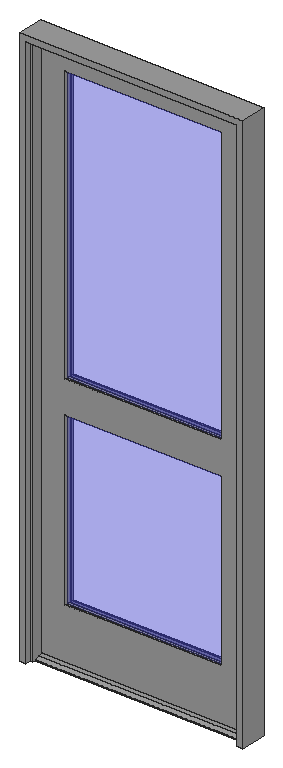
Revit family "MS-375 PIVOT DOOR-VIP-1-CW_v05", category Curtain Panels, Revit 2015 (continued)
Definition of nested family "2.5x6-RTCIG CW-H8533-DHD-OHD SC-DI"
  Lines and regions (in)
    detail lines, in view "Ref. Level", detail levels fine
      curve 231: line (0.69896, -1.31433, 0) -> (0.72096, -1.31433, 0)
      curve 232: line (0.72096, -1.31433, 0) -> (0.73696, -1.31433, 0)
      curve 233: line (0.73696, -1.31433, 0) -> (0.75896, -1.31433, 0)
      curve 234: line (0.75896, -1.31433, 0) -> (0.76596, -1.31433, 0)
      curve 235: line (0.76596, -1.31433, 0) -> (0.77896, -1.31033, 0)
      curve 236: line (0.54796, -1.32333, 0) -> (0.57896, -1.32133, 0)
      curve 237: line (0.57896, -1.32133, 0) -> (0.60496, -1.31933, 0)
      curve 238: line (0.60496, -1.31933, 0) -> (0.61896, -1.31933, 0)
      curve 239: line (0.61896, -1.31933, 0) -> (0.66196, -1.31933, 0)
      curve 240: line (0.66196, -1.31933, 0) -> (0.67696, -1.32133, 0)
      curve 241: line (0.67696, -1.32133, 0) -> (0.70096, -1.32133, 0)
      curve 242: line (0.70096, -1.32133, 0) -> (0.71496, -1.32133, 0)
      curve 243: line (0.71496, -1.32133, 0) -> (0.73496, -1.32133, 0)
      curve 244: line (0.73496, -1.32133, 0) -> (0.75096, -1.32333, 0)
      curve 245: line (0.75096, -1.32333, 0) -> (0.76196, -1.32433, 0)
      curve 246: line (0.76196, -1.32433, 0) -> (0.77096, -1.32433, 0)
      curve 247: line (0.77096, -1.32433, 0) -> (0.78096, -1.32433, 0)
      curve 248: line (0.73296, -1.35433, 0) -> (0.74796, -1.35433, 0)
      curve 249: line (0.74796, -1.35433, 0) -> (0.72596, -1.35733, 0)
      curve 250: line (0.72596, -1.35733, 0) -> (0.73296, -1.35433, 0)
      curve 251: line (0.71296, -1.35533, 0) -> (0.70396, -1.36133, 0)
      curve 252: line (0.70396, -1.36133, 0) -> (0.72596, -1.35733, 0)
      curve 253: line (0.72596, -1.35733, 0) -> (0.71296, -1.35533, 0)
      curve 254: line (0.54796, -1.29533, 0) -> (0.57696, -1.29533, 0)
      curve 255: line (0.57696, -1.29533, 0) -> (0.60996, -1.29533, 0)
      curve 256: line (0.60996, -1.29533, 0) -> (0.65296, -1.29533, 0)
      curve 257: line (0.65296, -1.29533, 0) -> (0.67296, -1.29533, 0)
      curve 258: line (0.67296, -1.29533, 0) -> (0.69896, -1.29933, 0)
      curve 259: line (0.69896, -1.29933, 0) -> (0.70796, -1.29933, 0)
      curve 260: line (0.70796, -1.29933, 0) -> (0.72096, -1.30133, 0)
      curve 261: line (0.72096, -1.30133, 0) -> (0.73296, -1.30133, 0)
      curve 262: line (0.73296, -1.30133, 0) -> (0.74396, -1.30133, 0)
      curve 263: line (0.74396, -1.30133, 0) -> (0.75296, -1.30133, 0)
      curve 264: line (0.75296, -1.30133, 0) -> (0.76996, -1.29933, 0)
      curve 265: line (0.76996, -1.29933, 0) -> (0.77696, -1.29933, 0)
      curve 266: line (0.77696, -1.29933, 0) -> (0.77696, -1.2896, 0)
      curve 267: line (0.78096, -1.28933, 0) -> (0.76596, -1.29033, 0)
      curve 268: line (0.76596, -1.29033, 0) -> (0.75496, -1.29033, 0)
      curve 269: line (0.75496, -1.29033, 0) -> (0.74096, -1.29233, 0)
      curve 270: line (0.74096, -1.29233, 0) -> (0.70996, -1.28833, 0)
      curve 271: line (0.70996, -1.28833, 0) -> (0.69296, -1.28833, 0)
      curve 272: line (0.69296, -1.28833, 0) -> (0.67696, -1.28833, 0)
      curve 273: line (0.67696, -1.28833, 0) -> (0.66096, -1.28633, 0)
      curve 274: line (0.66096, -1.28633, 0) -> (0.62296, -1.28633, 0)
      curve 275: line (0.62296, -1.28633, 0) -> (0.60096, -1.28433, 0)
      curve 276: line (0.60096, -1.28433, 0) -> (0.56096, -1.28333, 0)
      curve 277: line (0.56096, -1.28333, 0) -> (0.54796, -1.28333, 0)
      curve 278: line (0.54796, -1.33833, 0) -> (0.57896, -1.33533, 0)
      curve 279: line (0.57896, -1.33533, 0) -> (0.61496, -1.33733, 0)
      curve 280: line (0.61496, -1.33733, 0) -> (0.65296, -1.33733, 0)
      curve 281: line (0.65296, -1.33733, 0) -> (0.67496, -1.33733, 0)
      curve 282: line (0.67496, -1.33733, 0) -> (0.69496, -1.33733, 0)
      curve 283: line (0.69496, -1.33733, 0) -> (0.70996, -1.33733, 0)
      curve 284: line (0.70996, -1.33733, 0) -> (0.72596, -1.33933, 0)
      curve 285: line (0.72596, -1.33933, 0) -> (0.73696, -1.33933, 0)
      curve 286: line (0.73696, -1.33933, 0) -> (0.74796, -1.33933, 0)
      curve 287: line (0.74796, -1.33933, 0) -> (0.75896, -1.33933, 0)
      curve 288: line (0.75896, -1.33933, 0) -> (0.77696, -1.33733, 0)
      curve 289: line (0.78096, -1.41933, 0) -> (0.78096, -1.15933, 0)
    detail lines, in view "Ref. Level", detail levels medium
      curve 290: arc (1.65506, -0.328, 0) -> (1.67791, -0.38315, 0) -> (1.73306, -0.406, 0) r 0.078
      curve 291: arc (0.20206, -0.406, 0) -> (0.25722, -0.38315, 0) -> (0.28006, -0.328, 0) r 0.078
      curve 292: arc (0.68756, -1.173, 0) -> (0.71506, -1.2005, 0) -> (0.74256, -1.173, 0) r 0.0275
      curve 293: arc (0.74256, -1.408, 0) -> (0.71506, -1.3805, 0) -> (0.68756, -1.408, 0) r 0.0275
      curve 294: arc (2.00056, -1, 0) -> (1.96239, -1.07442, 0) -> (2.04511, -1.062, 0) r 0.047
      curve 295: arc (0.95295, -1.053, 0) -> (1.03486, -1.07804, 0) -> (0.99956, -1, 0) r 0.047
      curve 296: line (1.73306, -0.406, 0) -> (1.98306, -0.406, 0)
      curve 297: line (1.98306, -0.406, 0) -> (1.98306, -0.375, 0)
      curve 298: line (1.98306, -0.375, 0) -> (3.09256, -0.375, 0)
      curve 299: line (3.09256, -0.375, 0) -> (3.09256, -0.875, 0)
      curve 300: line (3.09256, -0.875, 0) -> (-1.15744, -0.875, 0)
      curve 301: line (-1.15744, -0.875, 0) -> (-1.15744, -0.375, 0)
      curve 302: line (-1.15744, -0.375, 0) -> (-0.04794, -0.375, 0)
      curve 303: line (-0.04794, -0.375, 0) -> (-0.04794, -0.406, 0)
      curve 304: line (-0.04794, -0.406, 0) -> (0.20206, -0.406, 0)
      curve 305: line (0.28006, -0.328, 0) -> (0.03006, -0.328, 0)
      curve 306: line (0.03006, -0.328, 0) -> (0.03006, -0.25, 0)
      curve 307: line (0.03006, -0.25, 0) -> (-1.28244, -0.25, 0)
      curve 308: line (-1.28244, -0.25, 0) -> (-1.28244, -1, 0)
      curve 309: line (-1.28244, -1, 0) -> (3.21756, -1, 0)
      curve 310: line (3.21756, -1, 0) -> (3.21756, -0.25, 0)
      curve 311: line (3.21756, -0.25, 0) -> (1.90506, -0.25, 0)
      curve 312: line (1.90506, -0.25, 0) -> (1.90506, -0.328, 0)
      curve 313: line (1.90506, -0.328, 0) -> (1.65506, -0.328, 0)
      curve 314: line (0.74256, -1.173, 0) -> (0.74256, -1.143, 0)
      curve 315: line (0.74256, -1.143, 0) -> (0.79756, -1.143, 0)
      curve 316: line (0.79756, -1.143, 0) -> (0.79756, -1.438, 0)
      curve 317: line (0.79756, -1.438, 0) -> (0.74256, -1.438, 0)
      curve 318: line (0.74256, -1.438, 0) -> (0.74256, -1.408, 0)
      curve 319: line (0.68756, -1.408, 0) -> (0.68756, -1.5, 0)
      curve 320: line (0.68756, -1.5, 0) -> (2.31256, -1.5, 0)
      curve 321: line (2.31256, -1.5, 0) -> (2.31256, -1, 0)
      curve 322: line (2.31256, -1, 0) -> (2.00056, -1, 0)
      curve 323: line (2.04511, -1.062, 0) -> (2.25056, -1.062, 0)
      curve 324: line (2.25056, -1.062, 0) -> (2.25056, -1.438, 0)
      curve 325: line (2.25056, -1.438, 0) -> (0.85956, -1.438, 0)
      curve 326: line (0.85956, -1.438, 0) -> (0.85956, -1.053, 0)
      curve 327: line (0.85956, -1.053, 0) -> (0.95295, -1.053, 0)
      curve 328: line (0.99956, -1, 0) -> (0.79756, -1, 0)
      curve 329: line (0.79756, -1, 0) -> (0.79756, -1.081, 0)
      curve 330: line (0.79756, -1.081, 0) -> (0.74256, -1.081, 0)
      curve 331: line (0.74256, -1.081, 0) -> (0.74256, -1, 0)
      curve 332: line (0.74256, -1, 0) -> (0.68756, -1, 0)
      curve 333: line (0.68756, -1, 0) -> (0.68756, -1.173, 0)
      curve 334: line (-1.28244, 0, 0) -> (-1.28244, -1, 0)
      curve 335: line (-1.28244, -1, 0) -> (0.68756, -1, 0)
      curve 336: line (0.68756, -1, 0) -> (0.68756, -1.5, 0)
      curve 337: line (0.68756, -1.5, 0) -> (2.31256, -1.5, 0)
      curve 338: line (2.31256, -1.5, 0) -> (2.31256, -1, 0)
      curve 339: line (2.31256, -1, 0) -> (3.21756, -1, 0)
      curve 340: line (3.21756, -1, 0) -> (3.21756, 0, 0)
      curve 341: line (3.21756, 0, 0) -> (-1.28244, 0, 0)
    detail lines, in view "Ref. Level", not visible, detail levels fine
      curve 342: arc (1.65506, -0.328, 0) -> (1.67791, -0.38315, 0) -> (1.73306, -0.406, 0) r 0.078
      curve 343: arc (0.20206, -0.406, 0) -> (0.25722, -0.38315, 0) -> (0.28006, -0.328, 0) r 0.078
      curve 344: arc (0.68756, -1.173, 0) -> (0.71506, -1.2005, 0) -> (0.74256, -1.173, 0) r 0.0275
      curve 345: arc (0.74256, -1.408, 0) -> (0.71506, -1.3805, 0) -> (0.68756, -1.408, 0) r 0.0275
      curve 346: arc (2.00056, -1, 0) -> (1.96239, -1.07442, 0) -> (2.04511, -1.062, 0) r 0.047
      curve 347: arc (0.95295, -1.053, 0) -> (1.03486, -1.07804, 0) -> (0.99956, -1, 0) r 0.047
      curve 348: line (1.73306, -0.406, 0) -> (1.98306, -0.406, 0)
      curve 349: line (1.98306, -0.406, 0) -> (1.98306, -0.375, 0)
      curve 350: line (1.98306, -0.375, 0) -> (3.09256, -0.375, 0)
      curve 351: line (3.09256, -0.375, 0) -> (3.09256, -0.875, 0)
      curve 352: line (3.09256, -0.875, 0) -> (-1.15744, -0.875, 0)
      curve 353: line (-1.15744, -0.875, 0) -> (-1.15744, -0.375, 0)
      curve 354: line (-1.15744, -0.375, 0) -> (-0.04794, -0.375, 0)
      curve 355: line (-0.04794, -0.375, 0) -> (-0.04794, -0.406, 0)
      curve 356: line (-0.04794, -0.406, 0) -> (0.20206, -0.406, 0)
      curve 357: line (0.28006, -0.328, 0) -> (0.03006, -0.328, 0)
      curve 358: line (0.03006, -0.328, 0) -> (0.03006, -0.25, 0)
      curve 359: line (0.03006, -0.25, 0) -> (-1.28244, -0.25, 0)
      curve 360: line (-1.28244, -0.25, 0) -> (-1.28244, -1, 0)
      curve 361: line (-1.28244, -1, 0) -> (3.21756, -1, 0)
      curve 362: line (3.21756, -1, 0) -> (3.21756, -0.25, 0)
      curve 363: line (3.21756, -0.25, 0) -> (1.90506, -0.25, 0)
      curve 364: line (1.90506, -0.25, 0) -> (1.90506, -0.328, 0)
      curve 365: line (1.90506, -0.328, 0) -> (1.65506, -0.328, 0)
      curve 366: line (0.74256, -1.173, 0) -> (0.74256, -1.143, 0)
      curve 367: line (0.74256, -1.143, 0) -> (0.79756, -1.143, 0)
      curve 368: line (0.79756, -1.143, 0) -> (0.79756, -1.438, 0)
      curve 369: line (0.79756, -1.438, 0) -> (0.74256, -1.438, 0)
      curve 370: line (0.74256, -1.438, 0) -> (0.74256, -1.408, 0)
      curve 371: line (0.68756, -1.408, 0) -> (0.68756, -1.5, 0)
      curve 372: line (0.68756, -1.5, 0) -> (2.31256, -1.5, 0)
      curve 373: line (2.31256, -1.5, 0) -> (2.31256, -1, 0)
      curve 374: line (2.31256, -1, 0) -> (2.00056, -1, 0)
      curve 375: line (2.04511, -1.062, 0) -> (2.25056, -1.062, 0)
      curve 376: line (2.25056, -1.062, 0) -> (2.25056, -1.438, 0)
      curve 377: line (2.25056, -1.438, 0) -> (0.85956, -1.438, 0)
      curve 378: line (0.85956, -1.438, 0) -> (0.85956, -1.053, 0)
      curve 379: line (0.85956, -1.053, 0) -> (0.95295, -1.053, 0)
      curve 380: line (0.99956, -1, 0) -> (0.79756, -1, 0)
      curve 381: line (0.79756, -1, 0) -> (0.79756, -1.081, 0)
      curve 382: line (0.79756, -1.081, 0) -> (0.74256, -1.081, 0)
      curve 383: line (0.74256, -1.081, 0) -> (0.74256, -1, 0)
      curve 384: line (0.74256, -1, 0) -> (0.68756, -1, 0)
      curve 385: line (0.68756, -1, 0) -> (0.68756, -1.173, 0)
      curve 386: line (-1.28244, 0, 0) -> (-1.28244, -1, 0)
      curve 387: line (-1.28244, -1, 0) -> (0.68756, -1, 0)
      curve 388: line (0.68756, -1, 0) -> (0.68756, -1.5, 0)
      curve 389: line (0.68756, -1.5, 0) -> (2.31256, -1.5, 0)
      curve 390: line (2.31256, -1.5, 0) -> (2.31256, -1, 0)
      curve 391: line (2.31256, -1, 0) -> (3.21756, -1, 0)
      curve 392: line (3.21756, -1, 0) -> (3.21756, 0, 0)
      curve 393: line (3.21756, 0, 0) -> (-1.28244, 0, 0)
      curve 394: arc (-1.28244, -0.25, 0) -> (-1.26095, -0.125, 0) -> (-1.28244, 0, 0) r 0.37439
      curve 395: arc (3.21756, 0, 0) -> (3.19608, -0.125, 0) -> (3.21756, -0.25, 0) r 0.37439
      curve 396: arc (1.95497, -1.14175, 0) -> (1.95619, -1.1362, 0) -> (1.95482, -1.13068, 0) r 0.0125
      curve 397: arc (1.98284, -1.14139, 0) -> (1.98406, -1.13584, 0) -> (1.9827, -1.13032, 0) r 0.0125
      curve 398: arc (1.01743, -1.13032, 0) -> (1.01607, -1.13584, 0) -> (1.01729, -1.14139, 0) r 0.0125
      curve 399: arc (1.0453, -1.13068, 0) -> (1.04394, -1.1362, 0) -> (1.04516, -1.14175, 0) r 0.0125
      curve 400: arc (1.10681, -1.025, 0) -> (1.10028, -1.02684, 0) -> (1.09567, -1.03182, 0) r 0.0125
      curve 401: arc (1.90446, -1.03183, 0) -> (1.89985, -1.02684, 0) -> (1.89332, -1.025, 0) r 0.0125
      curve 402: line (-1.03244, -0.25, 0) -> (-1.03244, 0, 0)
      curve 403: line (-1.03244, 0, 0) -> (2.96756, 0, 0)
      curve 404: line (2.96756, 0, 0) -> (2.96756, -0.25, 0)
      curve 405: line (2.96756, -0.25, 0) -> (-1.03244, -0.25, 0)
      curve 406: line (-1.03244, -0.25, 0) -> (2.96756, 0, 0)
      curve 407: line (-1.03244, 0, 0) -> (2.96756, -0.25, 0)
      curve 408: line (1.95497, -1.14175, 0) -> (1.89789, -1.26122, 0)
      curve 409: line (1.89789, -1.26122, 0) -> (1.92045, -1.272, 0)
      curve 410: line (1.92045, -1.272, 0) -> (1.98284, -1.14139, 0)
      curve 411: line (1.9827, -1.13032, 0) -> (1.92904, -1.025, 0)
      curve 412: line (1.92904, -1.025, 0) -> (1.95506, -1.025, 0)
      curve 413: line (1.95506, -1.025, 0) -> (1.95506, -1, 0)
      curve 414: line (1.95506, -1, 0) -> (1.04506, -1, 0)
      curve 415: line (1.04506, -1, 0) -> (1.04506, -1.025, 0)
      curve 416: line (1.04506, -1.025, 0) -> (1.07109, -1.025, 0)
      curve 417: line (1.07109, -1.025, 0) -> (1.01743, -1.13032, 0)
      curve 418: line (1.01729, -1.14139, 0) -> (1.07968, -1.272, 0)
      curve 419: line (1.07968, -1.272, 0) -> (1.10224, -1.26122, 0)
      curve 420: line (1.10224, -1.26122, 0) -> (1.04516, -1.14175, 0)
      curve 421: line (1.0453, -1.13068, 0) -> (1.09567, -1.03182, 0)
      curve 422: line (1.10681, -1.025, 0) -> (1.89332, -1.025, 0)
      curve 423: line (1.90446, -1.03183, 0) -> (1.95482, -1.13068, 0)
      curve 424: line (0.54796, -1.18033, 0) -> (0.56296, -1.18633, 0)
      curve 425: line (0.56296, -1.18633, 0) -> (0.57696, -1.19533, 0)
      curve 426: line (0.57696, -1.19533, 0) -> (0.60296, -1.19933, 0)
      curve 427: line (0.60296, -1.19933, 0) -> (0.62096, -1.20333, 0)
      curve 428: line (0.62096, -1.20333, 0) -> (0.65696, -1.20433, 0)
      curve 429: line (0.65696, -1.20433, 0) -> (0.67296, -1.20633, 0)
      curve 430: line (0.67296, -1.20633, 0) -> (0.69296, -1.20833, 0)
      curve 431: line (0.69296, -1.20833, 0) -> (0.69696, -1.21433, 0)
      curve 432: line (0.69696, -1.21433, 0) -> (0.70996, -1.20833, 0)
      curve 433: line (0.70996, -1.20833, 0) -> (0.69696, -1.21433, 0)
      curve 434: line (0.55396, -1.35233, 0) -> (0.58296, -1.35233, 0)
      curve 435: line (0.58296, -1.35233, 0) -> (0.60796, -1.35233, 0)
      curve 436: line (0.60796, -1.35233, 0) -> (0.62496, -1.35433, 0)
      curve 437: line (0.62496, -1.35433, 0) -> (0.65696, -1.35433, 0)
      curve 438: line (0.65696, -1.35433, 0) -> (0.67696, -1.35533, 0)
      curve 439: line (0.67696, -1.35533, 0) -> (0.70396, -1.36133, 0)
      curve 440: line (0.70396, -1.36133, 0) -> (0.67496, -1.36433, 0)
      curve 441: line (0.67496, -1.36433, 0) -> (0.68996, -1.37033, 0)
      curve 442: line (0.68996, -1.37033, 0) -> (0.67296, -1.36633, 0)
      curve 443: line (0.67296, -1.36633, 0) -> (0.65096, -1.36833, 0)
      curve 444: line (0.65096, -1.36833, 0) -> (0.58796, -1.37733, 0)
      curve 445: line (0.58796, -1.37733, 0) -> (0.60596, -1.37733, 0)
      curve 446: line (0.60596, -1.37733, 0) -> (0.61696, -1.37533, 0)
      curve 447: line (0.61696, -1.37533, 0) -> (0.63196, -1.37433, 0)
      curve 448: line (0.63196, -1.37433, 0) -> (0.65896, -1.37233, 0)
      curve 449: line (0.65896, -1.37233, 0) -> (0.67896, -1.37033, 0)
      curve 450: line (0.67896, -1.37033, 0) -> (0.65296, -1.36633, 0)
      curve 451: line (0.65296, -1.36633, 0) -> (0.62296, -1.36633, 0)
      curve 452: line (0.62296, -1.36633, 0) -> (0.58996, -1.36433, 0)
      curve 453: line (0.58996, -1.36433, 0) -> (0.54796, -1.36933, 0)
      curve 454: line (0.57196, -1.38433, 0) -> (0.58996, -1.38133, 0)
      curve 455: line (0.58996, -1.38133, 0) -> (0.54796, -1.38833, 0)
      curve 456: line (0.54796, -1.38833, 0) -> (0.57196, -1.38433, 0)
      curve 457: line (0.54996, -1.24133, 0) -> (0.56796, -1.23933, 0)
      curve 458: line (0.56796, -1.23933, 0) -> (0.58096, -1.23733, 0)
      curve 459: line (0.58096, -1.23733, 0) -> (0.59396, -1.23533, 0)
      curve 460: line (0.59396, -1.23533, 0) -> (0.61496, -1.23533, 0)
      curve 461: line (0.61496, -1.23533, 0) -> (0.62796, -1.23533, 0)
      curve 462: line (0.62796, -1.23533, 0) -> (0.65696, -1.23733, 0)
      curve 463: line (0.65696, -1.23733, 0) -> (0.67096, -1.23733, 0)
      curve 464: line (0.67096, -1.23733, 0) -> (0.67896, -1.23933, 0)
      curve 465: line (0.67896, -1.23933, 0) -> (0.69696, -1.24133, 0)
      curve 466: line (0.69696, -1.24133, 0) -> (0.71096, -1.24433, 0)
      curve 467: line (0.71096, -1.24433, 0) -> (0.72796, -1.25233, 0)
      curve 468: line (0.72796, -1.25233, 0) -> (0.74196, -1.25233, 0)
      curve 469: line (0.74196, -1.25233, 0) -> (0.72596, -1.24433, 0)
      curve 470: line (0.72596, -1.24433, 0) -> (0.71096, -1.25033, 0)
      curve 471: line (0.71096, -1.25033, 0) -> (0.70196, -1.25033, 0)
      curve 472: line (0.70196, -1.25033, 0) -> (0.68596, -1.25033, 0)
      curve 473: line (0.68596, -1.25033, 0) -> (0.67096, -1.24633, 0)
      curve 474: line (0.67096, -1.24633, 0) -> (0.65496, -1.24633, 0)
      curve 475: line (0.65496, -1.24633, 0) -> (0.62296, -1.24633, 0)
      curve 476: line (0.62296, -1.24633, 0) -> (0.60596, -1.24633, 0)
      curve 477: line (0.60596, -1.24633, 0) -> (0.59396, -1.24633, 0)
      curve 478: line (0.59396, -1.24633, 0) -> (0.54796, -1.25433, 0)
      curve 479: line (0.54996, -1.20833, 0) -> (0.56096, -1.20833, 0)
      curve 480: line (0.56096, -1.20833, 0) -> (0.58096, -1.20833, 0)
      curve 481: line (0.58096, -1.20833, 0) -> (0.59196, -1.20633, 0)
      curve 482: line (0.59196, -1.20633, 0) -> (0.59896, -1.20633, 0)
      curve 483: line (0.59896, -1.20633, 0) -> (0.60596, -1.20833, 0)
      curve 484: line (0.60596, -1.20833, 0) -> (0.62296, -1.21433, 0)
      curve 485: line (0.62296, -1.21433, 0) -> (0.65496, -1.21233, 0)
      curve 486: line (0.65496, -1.21233, 0) -> (0.66196, -1.21033, 0)
      curve 487: line (0.66196, -1.21033, 0) -> (0.67096, -1.21233, 0)
      curve 488: line (0.67096, -1.21233, 0) -> (0.68096, -1.21233, 0)
      curve 489: line (0.68096, -1.21233, 0) -> (0.68996, -1.21233, 0)
      curve 490: line (0.74596, -1.21033, 0) -> (0.73496, -1.21033, 0)
      curve 491: line (0.73496, -1.21033, 0) -> (0.74196, -1.21033, 0)
      curve 492: line (0.74196, -1.21033, 0) -> (0.75296, -1.21033, 0)
      curve 493: line (0.75296, -1.21033, 0) -> (0.76396, -1.21033, 0)
      curve 494: line (0.76396, -1.21033, 0) -> (0.77496, -1.20633, 0)
      curve 495: line (0.77896, -1.20633, 0) -> (0.76796, -1.20633, 0)
      curve 496: line (0.76796, -1.20633, 0) -> (0.76096, -1.20633, 0)
      curve 497: line (0.76096, -1.20633, 0) -> (0.75296, -1.20833, 0)
      curve 498: line (0.75296, -1.20833, 0) -> (0.74596, -1.21033, 0)
      curve 499: line (0.78096, -1.27033, 0) -> (0.76996, -1.27233, 0)
      curve 500: line (0.76996, -1.27233, 0) -> (0.75496, -1.27433, 0)
      curve 501: line (0.75496, -1.27433, 0) -> (0.74396, -1.27433, 0)
      curve 502: line (0.74396, -1.27433, 0) -> (0.73496, -1.27433, 0)
      curve 503: line (0.73496, -1.27433, 0) -> (0.71496, -1.27433, 0)
      curve 504: line (0.71496, -1.27433, 0) -> (0.69696, -1.27433, 0)
      curve 505: line (0.69696, -1.27433, 0) -> (0.67496, -1.27033, 0)
      curve 506: line (0.67496, -1.27033, 0) -> (0.65696, -1.27033, 0)
      curve 507: line (0.65696, -1.27033, 0) -> (0.60996, -1.27033, 0)
      curve 508: line (0.60996, -1.27033, 0) -> (0.57396, -1.27033, 0)
      curve 509: line (0.57396, -1.27033, 0) -> (0.54796, -1.26833, 0)
      curve 510: line (0.54796, -1.26133, 0) -> (0.56796, -1.26133, 0)
      curve 511: line (0.56796, -1.26133, 0) -> (0.59696, -1.26133, 0)
      curve 512: line (0.59696, -1.26133, 0) -> (0.62496, -1.26133, 0)
      curve 513: line (0.62496, -1.26133, 0) -> (0.66796, -1.26333, 0)
      curve 514: line (0.66796, -1.26333, 0) -> (0.70096, -1.26433, 0)
      curve 515: line (0.70096, -1.26433, 0) -> (0.71896, -1.26333, 0)
      curve 516: line (0.71896, -1.26333, 0) -> (0.73296, -1.26333, 0)
      curve 517: line (0.73296, -1.26333, 0) -> (0.75096, -1.26333, 0)
      curve 518: line (0.75096, -1.26333, 0) -> (0.76096, -1.26333, 0)
      curve 519: line (0.76096, -1.26333, 0) -> (0.76796, -1.26333, 0)
      curve 520: line (0.76796, -1.26333, 0) -> (0.78096, -1.26333, 0)
      curve 521: line (0.78096, -1.25133, 0) -> (0.76996, -1.25033, 0)
      curve 522: line (0.76996, -1.25033, 0) -> (0.76196, -1.25033, 0)
      curve 523: line (0.76196, -1.25033, 0) -> (0.75096, -1.25233, 0)
      curve 524: line (0.75096, -1.25233, 0) -> (0.74196, -1.25233, 0)
      curve 525: line (0.74196, -1.25233, 0) -> (0.74996, -1.24833, 0)
      curve 526: line (0.74996, -1.24833, 0) -> (0.76396, -1.24633, 0)
      curve 527: line (0.76396, -1.24633, 0) -> (0.77496, -1.24333, 0)
      curve 528: line (0.76996, -1.22433, 0) -> (0.75496, -1.22433, 0)
      curve 529: line (0.75496, -1.22433, 0) -> (0.74196, -1.22633, 0)
      curve 530: line (0.74196, -1.22633, 0) -> (0.73296, -1.22633, 0)
      curve 531: line (0.73296, -1.22633, 0) -> (0.70996, -1.22433, 0)
      curve 532: line (0.70996, -1.22433, 0) -> (0.69896, -1.22333, 0)
      curve 533: line (0.69896, -1.22333, 0) -> (0.67696, -1.22433, 0)
      curve 534: line (0.67696, -1.22433, 0) -> (0.65296, -1.22333, 0)
      curve 535: line (0.65296, -1.22333, 0) -> (0.62296, -1.22333, 0)
      curve 536: line (0.62296, -1.22333, 0) -> (0.59896, -1.22133, 0)
      curve 537: line (0.59896, -1.22133, 0) -> (0.58096, -1.22133, 0)
      curve 538: line (0.58096, -1.22133, 0) -> (0.56096, -1.22133, 0)
      curve 539: line (0.56096, -1.22133, 0) -> (0.54796, -1.22233, 0)
      curve 540: line (0.73496, -1.21033, 0) -> (0.71896, -1.21233, 0)
      curve 541: line (0.71896, -1.21233, 0) -> (0.70996, -1.20833, 0)
      curve 542: line (0.70996, -1.20833, 0) -> (0.72396, -1.20833, 0)
      curve 543: line (0.72396, -1.20833, 0) -> (0.73296, -1.21233, 0)
      curve 544: line (0.73296, -1.37433, 0) -> (0.74396, -1.37433, 0)
      curve 545: line (0.74396, -1.37433, 0) -> (0.76096, -1.37433, 0)
      curve 546: line (0.76096, -1.37433, 0) -> (0.77296, -1.37433, 0)
      curve 547: line (0.78096, -1.37033, 0) -> (0.77096, -1.37033, 0)
      curve 548: line (0.77096, -1.37033, 0) -> (0.75496, -1.37033, 0)
      curve 549: line (0.75496, -1.37033, 0) -> (0.74796, -1.36833, 0)
      curve 550: line (0.74796, -1.36833, 0) -> (0.74096, -1.36833, 0)
      curve 551: line (0.74096, -1.36833, 0) -> (0.72996, -1.36633, 0)
      curve 552: line (0.72996, -1.36633, 0) -> (0.71496, -1.36633, 0)
      curve 553: line (0.71496, -1.36633, 0) -> (0.70396, -1.36633, 0)
      curve 554: line (0.70396, -1.36633, 0) -> (0.68996, -1.37033, 0)
      curve 555: line (0.68996, -1.37033, 0) -> (0.70596, -1.37233, 0)
      curve 556: line (0.70596, -1.37233, 0) -> (0.72096, -1.37233, 0)
      curve 557: line (0.72096, -1.37233, 0) -> (0.73296, -1.37433, 0)
      curve 558: line (0.75896, -1.35433, 0) -> (0.74796, -1.35033, 0)
      curve 559: line (0.74796, -1.35033, 0) -> (0.76396, -1.34633, 0)
      curve 560: line (0.76396, -1.34633, 0) -> (0.77296, -1.34633, 0)
      curve 561: line (0.77296, -1.34633, 0) -> (0.78096, -1.34833, 0)
      curve 562: line (0.78096, -1.34833, 0) -> (0.77296, -1.35433, 0)
      curve 563: line (0.77296, -1.35433, 0) -> (0.76596, -1.35433, 0)
      curve 564: line (0.76596, -1.35433, 0) -> (0.75896, -1.35433, 0)
      curve 565: line (0.54796, -1.31033, 0) -> (0.55896, -1.31033, 0)
      curve 566: line (0.55896, -1.31033, 0) -> (0.58796, -1.30833, 0)
      curve 567: line (0.58796, -1.30833, 0) -> (0.61496, -1.30833, 0)
      curve 568: line (0.61496, -1.30833, 0) -> (0.62796, -1.30833, 0)
      curve 569: line (0.62796, -1.30833, 0) -> (0.66196, -1.31033, 0)
      curve 570: line (0.66196, -1.31033, 0) -> (0.68096, -1.31233, 0)
      curve 571: line (0.68096, -1.31233, 0) -> (0.69896, -1.31433, 0)
      curve 572: line (0.69896, -1.31433, 0) -> (0.72096, -1.31433, 0)
      curve 573: line (0.72096, -1.31433, 0) -> (0.73696, -1.31433, 0)
      curve 574: line (0.73696, -1.31433, 0) -> (0.75896, -1.31433, 0)
      curve 575: line (0.75896, -1.31433, 0) -> (0.76596, -1.31433, 0)
      curve 576: line (0.76596, -1.31433, 0) -> (0.77896, -1.31033, 0)
      curve 577: line (0.54796, -1.32333, 0) -> (0.57896, -1.32133, 0)
      curve 578: line (0.57896, -1.32133, 0) -> (0.60496, -1.31933, 0)
      curve 579: line (0.60496, -1.31933, 0) -> (0.61896, -1.31933, 0)
      curve 580: line (0.61896, -1.31933, 0) -> (0.66196, -1.31933, 0)
      curve 581: line (0.66196, -1.31933, 0) -> (0.67696, -1.32133, 0)
      curve 582: line (0.67696, -1.32133, 0) -> (0.70096, -1.32133, 0)
      curve 583: line (0.70096, -1.32133, 0) -> (0.71496, -1.32133, 0)
      curve 584: line (0.71496, -1.32133, 0) -> (0.73496, -1.32133, 0)
      curve 585: line (0.73496, -1.32133, 0) -> (0.75096, -1.32333, 0)
      curve 586: line (0.75096, -1.32333, 0) -> (0.76196, -1.32433, 0)
      curve 587: line (0.76196, -1.32433, 0) -> (0.77096, -1.32433, 0)
      curve 588: line (0.77096, -1.32433, 0) -> (0.78096, -1.32433, 0)
      curve 589: line (0.73296, -1.35433, 0) -> (0.74796, -1.35433, 0)
      curve 590: line (0.74796, -1.35433, 0) -> (0.72596, -1.35733, 0)
      curve 591: line (0.72596, -1.35733, 0) -> (0.73296, -1.35433, 0)
      curve 592: line (0.71296, -1.35533, 0) -> (0.70396, -1.36133, 0)
      curve 593: line (0.70396, -1.36133, 0) -> (0.72596, -1.35733, 0)
      curve 594: line (0.72596, -1.35733, 0) -> (0.71296, -1.35533, 0)
      curve 595: line (0.54796, -1.29533, 0) -> (0.57696, -1.29533, 0)
      curve 596: line (0.57696, -1.29533, 0) -> (0.60996, -1.29533, 0)
      curve 597: line (0.60996, -1.29533, 0) -> (0.65296, -1.29533, 0)
      curve 598: line (0.65296, -1.29533, 0) -> (0.67296, -1.29533, 0)
      curve 599: line (0.67296, -1.29533, 0) -> (0.69896, -1.29933, 0)
      curve 600: line (0.69896, -1.29933, 0) -> (0.70796, -1.29933, 0)
      curve 601: line (0.70796, -1.29933, 0) -> (0.72096, -1.30133, 0)
      curve 602: line (0.72096, -1.30133, 0) -> (0.73296, -1.30133, 0)
      curve 603: line (0.73296, -1.30133, 0) -> (0.74396, -1.30133, 0)
      curve 604: line (0.74396, -1.30133, 0) -> (0.75296, -1.30133, 0)
      curve 605: line (0.75296, -1.30133, 0) -> (0.76996, -1.29933, 0)
      curve 606: line (0.76996, -1.29933, 0) -> (0.77696, -1.29933, 0)
      curve 607: line (0.77696, -1.29933, 0) -> (0.77696, -1.2896, 0)
      curve 608: line (0.78096, -1.28933, 0) -> (0.76596, -1.29033, 0)
      curve 609: line (0.76596, -1.29033, 0) -> (0.75496, -1.29033, 0)
      curve 610: line (0.75496, -1.29033, 0) -> (0.74096, -1.29233, 0)
      curve 611: line (0.74096, -1.29233, 0) -> (0.70996, -1.28833, 0)
      curve 612: line (0.70996, -1.28833, 0) -> (0.69296, -1.28833, 0)
      curve 613: line (0.69296, -1.28833, 0) -> (0.67696, -1.28833, 0)
      curve 614: line (0.67696, -1.28833, 0) -> (0.66096, -1.28633, 0)
      curve 615: line (0.66096, -1.28633, 0) -> (0.62296, -1.28633, 0)
      curve 616: line (0.62296, -1.28633, 0) -> (0.60096, -1.28433, 0)
      curve 617: line (0.60096, -1.28433, 0) -> (0.56096, -1.28333, 0)
      curve 618: line (0.56096, -1.28333, 0) -> (0.54796, -1.28333, 0)
      curve 619: line (0.54796, -1.33833, 0) -> (0.57896, -1.33533, 0)
      curve 620: line (0.57896, -1.33533, 0) -> (0.61496, -1.33733, 0)
      curve 621: line (0.61496, -1.33733, 0) -> (0.65296, -1.33733, 0)
      curve 622: line (0.65296, -1.33733, 0) -> (0.67496, -1.33733, 0)
      curve 623: line (0.67496, -1.33733, 0) -> (0.69496, -1.33733, 0)
      curve 624: line (0.69496, -1.33733, 0) -> (0.70996, -1.33733, 0)
      curve 625: line (0.70996, -1.33733, 0) -> (0.72596, -1.33933, 0)
      curve 626: line (0.72596, -1.33933, 0) -> (0.73696, -1.33933, 0)
      curve 627: line (0.73696, -1.33933, 0) -> (0.74796, -1.33933, 0)
      curve 628: line (0.74796, -1.33933, 0) -> (0.75896, -1.33933, 0)
      curve 629: line (0.75896, -1.33933, 0) -> (0.77696, -1.33733, 0)
      curve 630: line (0.78096, -1.41933, 0) -> (0.78096, -1.15933, 0)
    detail lines, in view "Ref. Level", not visible, detail levels medium
      curve 631: arc (8.63801, -2.3397, 0) -> (8.66086, -2.39486, 0) -> (8.71601, -2.4177, 0) r 0.078
      curve 632: arc (7.18501, -2.4177, 0) -> (7.24017, -2.39486, 0) -> (7.26301, -2.3397, 0) r 0.078
      curve 633: arc (7.67051, -3.1847, 0) -> (7.69801, -3.2122, 0) -> (7.72551, -3.1847, 0) r 0.0275
      curve 634: arc (7.72551, -3.4197, 0) -> (7.69801, -3.3922, 0) -> (7.67051, -3.4197, 0) r 0.0275
      curve 635: arc (8.98351, -3.0117, 0) -> (8.94534, -3.08613, 0) -> (9.02805, -3.0737, 0) r 0.047
      curve 636: arc (7.9359, -3.0647, 0) -> (8.0178, -3.08974, 0) -> (7.98251, -3.0117, 0) r 0.047
      curve 637: line (8.71601, -2.4177, 0) -> (8.96601, -2.4177, 0)
      curve 638: line (8.96601, -2.4177, 0) -> (8.96601, -2.3867, 0)
      curve 639: line (8.96601, -2.3867, 0) -> (10.07551, -2.3867, 0)
      curve 640: line (10.07551, -2.3867, 0) -> (10.07551, -2.8867, 0)
      curve 641: line (10.07551, -2.8867, 0) -> (5.82551, -2.8867, 0)
      curve 642: line (5.82551, -2.8867, 0) -> (5.82551, -2.3867, 0)
      curve 643: line (5.82551, -2.3867, 0) -> (6.93501, -2.3867, 0)
      curve 644: line (6.93501, -2.3867, 0) -> (6.93501, -2.4177, 0)
      curve 645: line (6.93501, -2.4177, 0) -> (7.18501, -2.4177, 0)
      curve 646: line (7.26301, -2.3397, 0) -> (7.01301, -2.3397, 0)
      curve 647: line (7.01301, -2.3397, 0) -> (7.01301, -2.2617, 0)
      curve 648: line (7.01301, -2.2617, 0) -> (5.70051, -2.2617, 0)
      curve 649: line (5.70051, -2.2617, 0) -> (5.70051, -3.0117, 0)
      curve 650: line (5.70051, -3.0117, 0) -> (10.20051, -3.0117, 0)
      curve 651: line (10.20051, -3.0117, 0) -> (10.20051, -2.2617, 0)
      curve 652: line (10.20051, -2.2617, 0) -> (8.88801, -2.2617, 0)
      curve 653: line (8.88801, -2.2617, 0) -> (8.88801, -2.3397, 0)
      curve 654: line (8.88801, -2.3397, 0) -> (8.63801, -2.3397, 0)
      curve 655: line (7.72551, -3.1847, 0) -> (7.72551, -3.1547, 0)
      curve 656: line (7.72551, -3.1547, 0) -> (7.78051, -3.1547, 0)
      curve 657: line (7.78051, -3.1547, 0) -> (7.78051, -3.4497, 0)
      curve 658: line (7.78051, -3.4497, 0) -> (7.72551, -3.4497, 0)
      curve 659: line (7.72551, -3.4497, 0) -> (7.72551, -3.4197, 0)
      curve 660: line (7.67051, -3.4197, 0) -> (7.67051, -3.5117, 0)
      curve 661: line (7.67051, -3.5117, 0) -> (9.29551, -3.5117, 0)
      curve 662: line (9.29551, -3.5117, 0) -> (9.29551, -3.0117, 0)
      curve 663: line (9.29551, -3.0117, 0) -> (8.98351, -3.0117, 0)
      curve 664: line (9.02805, -3.0737, 0) -> (9.23351, -3.0737, 0)
      curve 665: line (9.23351, -3.0737, 0) -> (9.23351, -3.4497, 0)
      curve 666: line (9.23351, -3.4497, 0) -> (7.84251, -3.4497, 0)
      curve 667: line (7.84251, -3.4497, 0) -> (7.84251, -3.0647, 0)
      curve 668: line (7.84251, -3.0647, 0) -> (7.9359, -3.0647, 0)
      curve 669: line (7.98251, -3.0117, 0) -> (7.78051, -3.0117, 0)
      curve 670: line (7.78051, -3.0117, 0) -> (7.78051, -3.0927, 0)
      curve 671: line (7.78051, -3.0927, 0) -> (7.72551, -3.0927, 0)
      curve 672: line (7.72551, -3.0927, 0) -> (7.72551, -3.0117, 0)
      curve 673: line (7.72551, -3.0117, 0) -> (7.67051, -3.0117, 0)
      curve 674: line (7.67051, -3.0117, 0) -> (7.67051, -3.1847, 0)
      curve 675: line (5.70051, -2.0117, 0) -> (5.70051, -3.0117, 0)
      curve 676: line (5.70051, -3.0117, 0) -> (7.67051, -3.0117, 0)
      curve 677: line (7.67051, -3.0117, 0) -> (7.67051, -3.5117, 0)
      curve 678: line (7.67051, -3.5117, 0) -> (9.29551, -3.5117, 0)
      curve 679: line (9.29551, -3.5117, 0) -> (9.29551, -3.0117, 0)
      curve 680: line (9.29551, -3.0117, 0) -> (10.20051, -3.0117, 0)
      curve 681: line (10.20051, -3.0117, 0) -> (10.20051, -2.0117, 0)
      curve 682: line (10.20051, -2.0117, 0) -> (5.70051, -2.0117, 0)
  Dimensions and locks (in)
    aligned and locked: curve 334 to curve 45
    aligned and locked: import instance to curve 340
    aligned and locked: import instance to plane 1 "Center (Front/Back)"
